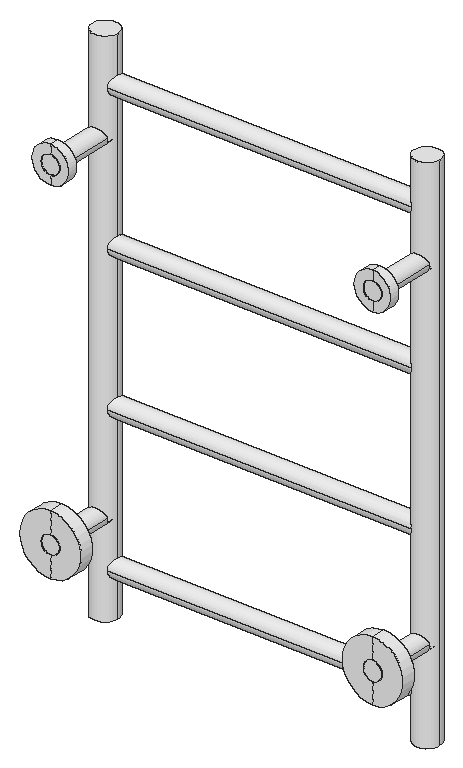
Revit family "LS-4", category Generic Models, host Wall, Revit 2017
Family settings
  Host = Wall
  Can host rebar = No
  Round Connector Dimension = Use Diameter
  Part Type = Normal
  Always vertical = Yes
  Cut with Voids When Loaded = No
  Shared = No
  Room Calculation Point = No
Parameters (values of type "350")
  URL = "http://www.sentakia.com/vesikiertoiset-pyyhekuivaimet/"
  Teho = "kromi: 56 W maalattu: 73 W"
  Sentakia_Material_Default = Stainless Steel, Polished_sentakia
  RAL-väri [instance] = no
  RAL-koodi [instance] = ""
  Model = "LS-4/350"
  Materiaali = "kromattu messinki (CuZn36As)"
  Manufacturer = "Sentakia Oy"
  Leveys = 350 mm
  LVI = "5489956"
  Keynote = "6120"
  Kenkäkoukkupari [instance] = no
  Height = 570 mm  # constant formula
  ELO-600 kromi [instance] = no
  EAN = "4770046007412"
  Depth = 88 mm  # constant formula
  Assembly Code = ""
  2-osainen koukku pitkä [instance] = no
  2-osainen koukku lyhyt [instance] = no
Types (3, lengths in mm): name | Teho | Model | Leveys | LVI | EAN
  350 | "kromi: 56 W maalattu: 73 W" | "LS-4/350" | 350 | "5489956" | "4770046007412"
  500 | "kromi: 68 W maalattu: 88 W" | "LS-4/500" | 500 | "5489957" | "4770046007429"
  600 | "kromi: 72 W maalattu: 93 W" | "LS-3/600" | 600 | "5489958" | "4770046007436"
Reference planes
  plane 1 "Wall": y = 0
  plane 2 "Center (Left/Right)": x = 125
  plane 3 "Back": y = 75
  plane 4: z = 1900
  plane 5: y = 163
  plane 6: y = 135
  plane 7 "Center of lower handler": z = 1430
  plane 8: z = 1800
  plane 9: z = 1790
  plane 10: z = 1440
  plane 11: z = 1420
  plane 12 "r": x = 300
  plane 13 "l": x = -50
  plane 14: y = 149
  plane 15: y = 159
  plane 16: y = 139
  plane 17 "Tikas1": z = 1850
  plane 18 "Tikas2": z = 1693.333
  plane 19 "Tikas3": z = 1536.667
  plane 20 "Tikas4": z = 1380
  plane 21 "Bottom": z = 1330
Forms (mm)
  Extrusion 1, solid, material "Stainless Steel, Polished_sentakia" <- "Sentakia_Material_Default", detail levels medium+fine
    sketch origin (0, 0, 0) x (1, 0, 0) y (0, 0, 1)
      loop
        circle (300, 1430) r 10
    from -149 to -75
  Extrusion 2, solid, material "Stainless Steel, Polished_sentakia" <- "Sentakia_Material_Default", detail levels medium+fine
    sketch origin (0, 0, 0) x (1, 0, 0) y (0, 0, 1)
      loop
        circle (-50, 1430) r 10
    from -149 to -75
  Extrusion 3, solid, material "Stainless Steel, Polished_sentakia" <- "Sentakia_Material_Default", detail levels medium+fine
    sketch origin (0, 0, 310) x (1, 0, 0) y (0, 0, 1)
      loop
        circle (-50, 1490) r 10
    from -149 to -75
  Extrusion 4, solid, material "Stainless Steel, Polished_sentakia" <- "Sentakia_Material_Default", detail levels medium+fine
    sketch origin (0, 0, 0) x (1, 0, 0) y (0, 1, 0)
      loop
        circle (-50, 149) r 14
    from 1330 to 1900
  Extrusion 5, solid, material "Stainless Steel, Polished_sentakia" <- "Sentakia_Material_Default", detail levels medium+fine
    sketch origin (0, 0, 0) x (1, 0, 0) y (0, 1, 0)
      loop
        circle (300, 149) r 14
    from 1330 to 1900
  Revolve 6, solid, material "Stainless Steel, Polished_sentakia" <- "Sentakia_Material_Default", detail levels medium+fine
    sketch origin (300, 0, 0) x (0, 0, 1) y (0, 1, 0)
      loop
        line (1440, 75.434) -> (1463, 75.434) -> (1463, 90.434) -> (1440, 100.434) -> (1440, 75.434)
      axis (1430, 75.434) -> (1430, 100.434)
    angle from 0 to 360
  Revolve 7, solid, material "Stainless Steel, Polished_sentakia" <- "Sentakia_Material_Default", detail levels medium+fine
    sketch origin (-50, 0, 0) x (0, 0, 1) y (0, 1, 0)
      loop
        line (1440, 75) -> (1463, 75) -> (1463, 90) -> (1440, 100) -> (1440, 75)
      axis (1430, 75) -> (1430, 100)
    angle from 0 to 360
  Extrusion 8, solid, material "Stainless Steel, Polished_sentakia" <- "Sentakia_Material_Default", detail levels medium+fine
    sketch origin (125, 0, 0) x (0, 1, 0) y (0, 0, 1)
      loop
        circle (149, 1850) r 10
    from -175 to 175
  Extrusion 9, solid, material "Stainless Steel, Polished_sentakia" <- "Sentakia_Material_Default", detail levels medium+fine
    sketch origin (125, 0, -160) x (0, 1, 0) y (0, 0, 1)
      loop
        circle (149, 1853.333) r 10
    from -175 to 175
  Extrusion 10, solid, material "Stainless Steel, Polished_sentakia" <- "Sentakia_Material_Default", detail levels medium+fine
    sketch origin (125, 0, -320) x (0, 1, 0) y (0, 0, 1)
      loop
        circle (149, 1856.667) r 10
    from -175 to 175
  Revolve 11, solid, material "Stainless Steel, Polished_sentakia" <- "Sentakia_Material_Default", detail levels medium+fine
    sketch origin (300, 0, 0) x (0, 0, 1) y (0, 1, 0)
      loop
        line (1810, 75) -> (1820, 75) -> (1820, 85) -> (1810, 85) -> (1810, 75)
      axis (1800, 75) -> (1800, 85)
    angle from 0 to 360
  Revolve 12, solid, material "Stainless Steel, Polished_sentakia" <- "Sentakia_Material_Default", detail levels medium+fine
    sketch origin (-50, 0, 0) x (0, 0, 1) y (0, 1, 0)
      loop
        line (1810, 75) -> (1820, 75) -> (1820, 85) -> (1810, 85) -> (1810, 75)
      axis (1800, 75) -> (1800, 85)
    angle from 0 to 360
  Extrusion 13, solid, material "Stainless Steel, Polished_sentakia" <- "Sentakia_Material_Default", detail levels medium+fine
    sketch origin (0, 0, 0) x (1, 0, 0) y (0, 0, 1)
      loop
        circle (300, 1800) r 10
    from -149 to -75
  Extrusion 14, solid, material "Stainless Steel, Polished_sentakia" <- "Sentakia_Material_Default", detail levels medium+fine
    sketch origin (125, 0, -480) x (0, 1, 0) y (0, 0, 1)
      loop
        circle (149, 1860) r 10
    from -175 to 175
  Extrusion 15, solid, material "Stainless Steel, Polished_sentakia" <- "Sentakia_Material_Default", detail levels coarse
    sketch origin (125, 0, 0) x (0, 1, 0) y (0, 0, 1)
      loop
        line (163, 1900) -> (75, 1900) -> (75, 1330) -> (163, 1330) -> (163, 1900)
    from -175 to 175
Cuts and joins
  joined: Extrusion 4, Extrusion 5, Extrusion 8, Extrusion 9, Extrusion 10, Extrusion 14
Text (mm)
  text "Placement Side" at (-1848.837, 1116.779, 0), in view "Ref. Level"
  text "Placement side" at (0, 1409.804, 2854.306), in view "Left"
  text "Placement side" at (0, 499.811, 2980.732), in view "Right"
Dimensions and locks
  locked: plane 3 "Back" to host wall
  "Depth": plane 5 to host wall
  locked: plane 5 to plane 6 at 28
  "Leveys": plane 13 "l" to plane 12 "r"
  plane 8 to level = 1800 mm
  locked: host wall to plane 14 at 74
  locked: plane 15 to plane 16 at 20
  plane 21 "Bottom" to plane 7 "Center of lower handler" = 100 mm
  plane 4 to plane 8 = 100 mm
  plane 8 to plane 18 "Tikas2" to plane 7 "Center of lower handler" = 106.667 mm, 263.333 mm
  equal spacing: plane 13 "l", plane 2 "Center (Left/Right)", plane 12 "r"
  "Height": plane 21 "Bottom" to plane 4
  equal spacing: plane 20 "Tikas4", plane 19 "Tikas3", plane 18 "Tikas2", plane 17 "Tikas1"
  locked: plane 8 to plane 4 at 100
  locked: plane 21 "Bottom" to plane 7 "Center of lower handler" at 100
  aligned and locked: plane 1 "Wall" to host wall
  aligned and locked: Extrusion 1 to host wall
  aligned and locked: Extrusion 2 to host wall
  aligned and locked: Extrusion 3 to host wall
  aligned and locked: Extrusion 2 to plane 14
  aligned and locked: Extrusion 1 to Extrusion 2
  aligned and locked: plane 4 to Extrusion 4
  aligned and locked: plane 4 to Extrusion 5
  aligned and locked: plane 13 "l" to Extrusion 8
  aligned and locked: Extrusion 8 to plane 12 "r"
  aligned and locked: Extrusion 10 to plane 12 "r"
  aligned and locked: plane 13 "l" to Extrusion 10
  aligned and locked: Extrusion 9 to plane 12 "r"
  aligned and locked: plane 13 "l" to Extrusion 9
  aligned and locked: Revolve 11 sketch curve to plane 8
  aligned and locked: Revolve 12 sketch curve to plane 8
  aligned and locked: Extrusion 13 to host wall
  aligned and locked: plane 13 "l" to Extrusion 3 sketch curve
  aligned and locked: plane 7 "Center of lower handler" to Revolve 7 sketch curve
  aligned and locked: Revolve 6 sketch curve to plane 7 "Center of lower handler"
  aligned and locked: plane 12 "r" to Extrusion 13 sketch curve
  aligned and locked: plane 8 to Extrusion 13 sketch curve
  aligned and locked: Extrusion 3 to Extrusion 13
  aligned and locked: Extrusion 13 to plane 14
  aligned and locked: plane 3 "Back" to Revolve 7
  aligned and locked: cut or joined group of Extrusion 4, Extrusion 5, Extrusion 8, Extrusion 9, Extrusion 10, Extrusion 14 to plane 21 "Bottom"  (x2)
  aligned and locked: Extrusion 14 to plane 12 "r"
  aligned and locked: plane 13 "l" to Extrusion 14
  aligned and locked: plane 4 to Extrusion 15
  aligned and locked: Extrusion 15 to cut or joined group of Extrusion 4, Extrusion 5, Extrusion 8, Extrusion 9, Extrusion 10, Extrusion 14
  aligned and locked: Extrusion 15 to plane 12 "r"
  aligned and locked: plane 13 "l" to Extrusion 15
  aligned and locked: Extrusion 15 to host wall
Automatic sketch dimensions
  Extrusion 1 sketch curve to plane 7 "Center of lower handler" = 0 mm
  plane 12 "r" to Extrusion 1 sketch curve = 0 mm
  Extrusion 2 sketch curve to plane 7 "Center of lower handler" = 0 mm
  plane 13 "l" to Extrusion 2 sketch curve = 0 mm
  Extrusion 3 sketch curve to plane 8 = 0 mm
  Extrusion 4 sketch curve to plane 13 "l" = 0 mm
  plane 14 to Extrusion 4 sketch curve = 0 mm
  Extrusion 5 sketch curve to plane 12 "r" = 0 mm
  plane 14 to Extrusion 5 sketch curve = 0 mm
  Extrusion 8 sketch curve to plane 14 = 0 mm
  Extrusion 8 sketch curve to plane 17 "Tikas1" = 0 mm
  Extrusion 9 sketch curve to plane 14 = 0 mm
  Extrusion 9 sketch curve to plane 18 "Tikas2" = 0 mm
  Extrusion 10 sketch curve to plane 14 = 0 mm
  plane 19 "Tikas3" to Extrusion 10 sketch curve = 0 mm
  Revolve 11 sketch curve to host wall = 0 mm  (x2)
  plane 8 to Revolve 11 sketch curve = 10 mm
  Revolve 11 sketch curve to Revolve 11 sketch curve = 10 mm
  host wall to Revolve 11 sketch curve = 10 mm
  plane 6 to Revolve 11 sketch curve = 20 mm
  Revolve 12 sketch curve to host wall = 0 mm  (x2)
  Revolve 12 sketch curve to Revolve 12 sketch curve = 10 mm  (x2)
  host wall to Revolve 12 sketch curve = 10 mm
  plane 6 to Revolve 12 sketch curve = 20 mm
  Extrusion 14 sketch curve to plane 14 = 0 mm
  plane 20 "Tikas4" to Extrusion 14 sketch curve = 0 mm
  Extrusion 15 sketch curve to plane 4 = 0 mm
  plane 6 to Extrusion 15 sketch curve = 60 mm
  Extrusion 15 sketch curve to plane 5 = 0 mm
  Extrusion 15 sketch curve to plane 21 "Bottom" = 0 mm
  Revolve 7 sketch curve to plane 10 = 0 mm
  Revolve 7 sketch curve to host wall = 0 mm
  plane 10 to Revolve 7 sketch curve = 23 mm
  host wall to Revolve 7 sketch curve = 15 mm
  Revolve 7 sketch curve to host wall = 0.781 mm
  host wall to Revolve 7 sketch curve = 25 mm
  plane 6 to Revolve 7 sketch curve = 13.43 mm
  Revolve 6 sketch curve to plane 10 = 0 mm
  plane 10 to Revolve 6 sketch curve = 23 mm
  host wall to Revolve 6 sketch curve = 0.434 mm
  Revolve 6 sketch curve to Revolve 6 sketch curve = 15 mm
  Revolve 6 sketch curve to host wall = 0.781 mm
  Revolve 6 sketch curve to Revolve 6 sketch curve = 25 mm
  plane 6 to Revolve 6 sketch curve = 13.43 mm
  radius of Extrusion 1 sketch curve = 10 mm
  radius of Extrusion 2 sketch curve = 10 mm
  radius of Extrusion 3 sketch curve = 10 mm
  radius of Extrusion 4 sketch curve = 14 mm
  radius of Extrusion 5 sketch curve = 14 mm
  radius of Extrusion 8 sketch curve = 10 mm
  radius of Extrusion 9 sketch curve = 10 mm
  radius of Extrusion 10 sketch curve = 10 mm
  radius of Extrusion 13 sketch curve = 10 mm
  radius of Extrusion 14 sketch curve = 10 mm
Connectors
  piping at (300, 75, 1430), diameter 12
    settings: on Extrusion 1, index 1, connector inside diameter 609.6 mm, connector length 0 mm, flow factor 0, pipe flow 0.0 L/s, pressure drop 0.0 Pa, fitting loss kfactor 0, connector angle 0.00°, fixture units 0, engagement length 0 mm, angle of deflection 0.00°, flow configuration 0, flow direction 0, fitting loss method 0, system type 22, joint type 0, gender type 0, connector reference index -1, connector utility 0, adjustable connector no, is connector primary yes, connector description ""
  piping at (300, 75, 1430), diameter 12.7
    settings: on Extrusion 1, index 2, connector inside diameter 609.6 mm, connector length 0 mm, flow factor 0, pipe flow 0.0 L/s, pressure drop 0.0 Pa, fitting loss kfactor 0, connector angle 0.00°, fixture units 0, engagement length 0 mm, angle of deflection 0.00°, flow configuration 0, flow direction 0, fitting loss method 0, system type 22, joint type 0, gender type 0, connector reference index -1, connector utility 0, adjustable connector no, is connector primary no, connector description ""
  piping at (-50, 75, 1430), diameter 12.7
    settings: on Extrusion 2, index 3, connector inside diameter 609.6 mm, connector length 0 mm, flow factor 0, pipe flow 0.0 L/s, pressure drop 0.0 Pa, fitting loss kfactor 0, connector angle 0.00°, fixture units 0, engagement length 0 mm, angle of deflection 0.00°, flow configuration 0, flow direction 0, fitting loss method 0, system type 22, joint type 0, gender type 0, connector reference index -1, connector utility 0, adjustable connector no, is connector primary no, connector description ""
